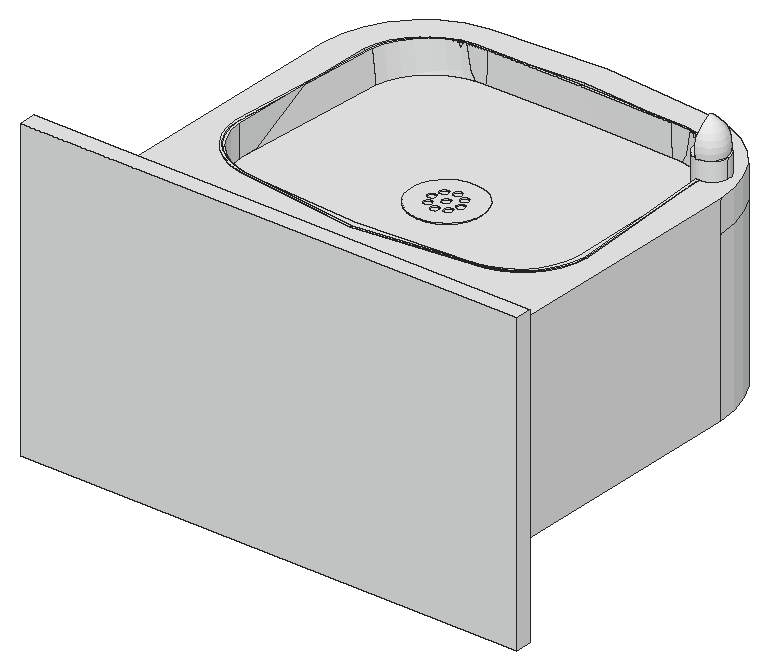
Revit family
Parameters (values of type "Parametric")
  Wash Basin = Porcelain, White
  Subcategory = "Drinking Fountain"
  SmartBIM Object Version = 3  # constant formula
  SmartBIM Object Created By = "Reed Construction Data"  # constant formula
  Manufacturer = ""
  Default Elevation = 4' - 0"
  Assembly Code = "C1030200"
  95 CSI = "15410"
  04 CSI = "22 47 13"
Reference planes (in)
  plane 1 "Center (Front/Back)": y = 0
  plane 2: z = 0
  plane 3 "Center (Left/Right)": x = 0
Forms (in)
  Extrusion 1, solid, material "Porcelain, White" <- "Wash Basin"
    sketch origin (0, -0.01087, -40) x (1, 0, 0) y (0, 0, 1)
      loop
        line (7.5, 40) -> (7.5, 49) -> (-7.5, 49) -> (-7.5, 40) -> (7.5, 40)
    from 0 to -0.5
  Revolve 2, solid, material "Porcelain, White" <- "Wash Basin"
    sketch origin (0, -3.01087, 7.5) x (1, 0, 0) y (0, 1, 0)
      loop
        line (0, 14.82259) -> (0, 14.76002)
        arc (0, 14.76002) -> (1.59218, 14.78275) -> (3.18257, 14.70381) r 24.9375
        arc (3.18257, 14.70381) -> (4.34107, 14.19448) -> (4.938, 13.07859) r 1.9375
        arc (4.938, 13.07859) -> (5.19877, 10.74999) -> (5.23983, 8.40719) r 24.9375
        arc (5.23983, 8.40719) -> (4.78052, 7.21075) -> (3.67484, 6.56277) r 1.9375
        arc (3.67484, 6.56277) -> (1.84557, 6.27527) -> (0, 6.12431) r 24.9375
        line (0, 6.12431) -> (0, 6.06174)
        arc (0, 6.06174) -> (1.85159, 6.21305) -> (3.68683, 6.50143) r 25
        arc (3.68683, 6.50143) -> (4.82818, 7.17032) -> (5.3023, 8.40535) r 2
        arc (5.3023, 8.40535) -> (5.26114, 10.75402) -> (4.99972, 13.08846) r 25
        arc (4.99972, 13.08846) -> (4.38353, 14.24035) -> (3.18766, 14.76611) r 2
        arc (3.18766, 14.76611) -> (1.59473, 14.84521) -> (0, 14.82259) r 25
      axis (0, 6.06174) -> (0, 14.82259)
    angle from 0 to 180
  Extrusion 3, solid, material "Porcelain, White" <- "Wash Basin"
    sketch origin (0, -3.01087, -34.81271) x (1, 0, 0) y (0, 1, 0)
      loop
        arc (-3.3956, 15.53703) -> (-5.25686, 14.53974) -> (-6, 12.56323) r 3
        line (-6, 12.56323) -> (-6, 3.5) -> (6, 3.5) -> (6, 12.56323)
        arc (6, 12.56323) -> (5.25686, 14.53974) -> (3.3956, 15.53703) r 3
        arc (3.3956, 15.53703) -> (0, 15.7619) -> (-3.3956, 15.53703) r 25.75
      loop
        arc (-3.40739, 14.66755) -> (-4.53624, 14.09549) -> (-5.07112, 12.94857) r 1.9375
        arc (-5.07112, 12.94857) -> (-5.20387, 10.60917) -> (-5.11648, 8.26764) r 24.9375
        arc (-5.11648, 8.26764) -> (-4.59229, 7.09817) -> (-3.45275, 6.51176) r 1.9375
        arc (-3.45275, 6.51176) -> (-1.73051, 6.33292) -> (0, 6.27403) r 24.9375
        arc (0, 6.27403) -> (1.73051, 6.33292) -> (3.45275, 6.51176) r 24.9375
        arc (3.45275, 6.51176) -> (4.59229, 7.09817) -> (5.11648, 8.26764) r 1.9375
        arc (5.11648, 8.26764) -> (5.20387, 10.60917) -> (5.07112, 12.94857) r 24.9375
        arc (5.07112, 12.94857) -> (4.53624, 14.09549) -> (3.40739, 14.66755) r 1.9375
        arc (3.40739, 14.66755) -> (1.70766, 14.84168) -> (0, 14.89901) r 24.9375
        arc (0, 14.89901) -> (-1.70766, 14.84168) -> (-3.40739, 14.66755) r 24.9375
    from 40.62231 to 42.31271
  Extrusion 4, solid, material "Porcelain, White" <- "Wash Basin"
    sketch origin (0, -3.01087, -34.81271) x (1, 0, 0) y (0, 1, 0)
      loop
        arc (-3.3956, 15.53703) -> (-5.25686, 14.53974) -> (-6, 12.56323) r 3
        line (-6, 12.56323) -> (-6, 3.5) -> (6, 3.5) -> (6, 12.56323)
        arc (6, 12.56323) -> (5.25686, 14.53974) -> (3.3956, 15.53703) r 3
        arc (3.3956, 15.53703) -> (0, 15.7619) -> (-3.3956, 15.53703) r 25.75
    from 36.31271 to 41.37231
  Revolve 5, solid, material "Porcelain, White" <- "Wash Basin"
    sketch origin (0, -3.01087, 4) x (1, 0, 0) y (0, 1, 0)
      loop
        line (-0.97973, 16.13502) -> (-0.92973, 16.13502) -> (-0.92973, 16.00202) -> (-1.17239, 15.937)
        arc (-1.17239, 15.937) -> (-1.19752, 15.92021) -> (-1.20723, 15.8916) r 0.047
        line (-1.20723, 15.8916) -> (-1.20723, 15.80002) -> (-1.20723, 15.70844) -> (-0.21723, 15.70844) -> (-0.21723, 16.43827) -> (-0.93286, 16.43827)
        arc (-0.93286, 16.43827) -> (-0.966, 16.42454) -> (-0.97973, 16.3914) r 0.04688
        line (-0.97973, 16.3914) -> (-0.97973, 16.13502)
      axis (-0.21723, 15.70844) -> (-0.21723, 16.43827)
    angle from 0 to 360
  Extrusion 6, solid, material "Porcelain, White" <- "Wash Basin"
    sketch origin (0, -3.01087, -40) x (1, 0, 0) y (0, 1, 0)
      loop
        circle (0, 9.71151) r 1.0625
      loop
        circle (-0.30936, 10.02087) r 0.125
      loop
        circle (0, 10.14901) r 0.125
      loop
        circle (0.30936, 10.02087) r 0.125
      loop
        circle (0.4375, 9.71151) r 0.125
      loop
        circle (0.30936, 9.40216) r 0.125
      loop
        circle (0, 9.27401) r 0.125
      loop
        circle (-0.30936, 9.40216) r 0.125
      loop
        circle (-0.4375, 9.71151) r 0.125
      loop
        circle (0, 9.71151) r 0.125
    from 46.56921 to 46.5596
  Extrusion 7, solid, material "Porcelain, White" <- "Wash Basin"
    sketch origin (0, -3.01087, -40) x (1, 0, 0) y (0, 1, 0)
      loop
        circle (5.0137, 13.45818) r 0.5
    from 46.76245 to 48.04077
  Revolve 8, solid, material "Porcelain, White" <- "Wash Basin"
    sketch origin (4.5216, 15.4321, -39.95959) x (0.088465, -0.996079, 0) y (0, 0, 1)
      loop
        line (5.0137, 48.00036) -> (5.50444, 48.00036)
        arc (5.50444, 48.00036) -> (5.44312, 48.59053) -> (5.0137, 49) r 0.85855
        line (5.0137, 49) -> (5.0137, 48.00036)
      axis (5.0137, 48.00036) -> (5.0137, 49)
    angle from -10 to 190
Cuts and joins
  joined: Extrusion 3, Extrusion 4
Dimensions and locks (in)
  aligned and locked: Extrusion 4 to Extrusion 1
